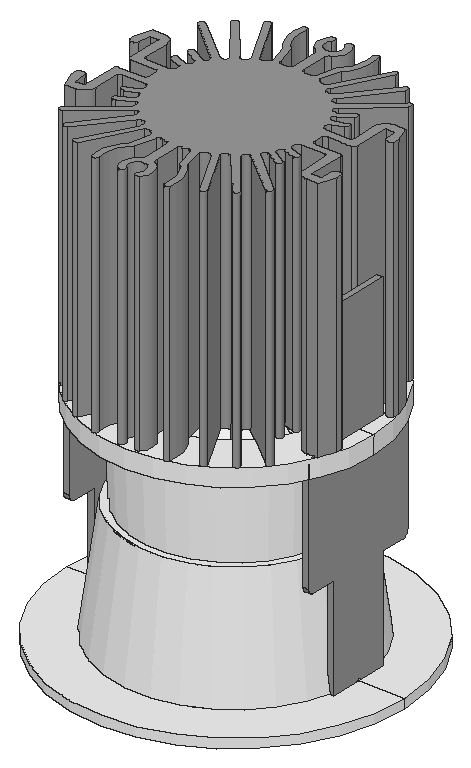
Revit family "Artemide_Everything_55", category Lighting Fixtures, Revit 2018 (continued)
Types (72, lengths in mm): name | Wattage | V_Square | V_Round | Radius_RoundVoidReal | Photometric Web File | built-in parameter 1150142 | M_Louvre | M_HousingLed | built-in parameter 1150105 | Lumens | built-in parameter 1150107 | built-in parameter 1150106 | Product Model Number | Overall Width | Overall Height | Output Lumens Direct light | Input Lumens Direct light | Initial Lumens | IES Files  | Housing Colour  | Face Shape | Efficiency | built-in parameter 1150104 | Distance_SquareVoidReal | Cut Out Length | Colour Temperature | Angle_LightReal | Angle_LightRange | Angle_Light | Adjustable
  Everything_55_Round_20°_2700K_White_NL4203518Y006 | 6.4 W | no | yes | 22.5 | "NL4203518Y006.IES" | "IESNA:LM-63-2002\r\n[TEST] FTS1602930\r\n[TESTLAB] ARTEMIDE\r\n[TESTDATE] 17 Feb 2015\r\n[ISSUEDATE] 17 Feb 2015\r\n[MANUFAC] ARTEMIDE\r\n[LUMCAT] NL4203518Y006\r\n[LUMINAIRE] Everything 55 round 20° - cornice bianca - 2700K\r\n[FLASHAREA] 0.000233\r\n[LAMPCAT] LED Flux=566lm  LED Power=6,4W Eff=84% EfcLed=88lm/W EfcLum=74lm/W CCT=2700K Ra=80 SDCM=2 L70(6K)=51400h\r\n[LAMP] LED Flux=566lm  LED Power=6,4W Eff=84% EfcLed=88lm/W EfcLum=74lm/W CCT=2700K Ra=80 SDCM=2 L70(6K)=51400h\r\nTILT=NONE\r\n1 476.00 1.0 91 1 1 2 -0.035 -0.035 0.000\r\n1.00 1.00 6.40\r\n0.00 1.00 2.00 3.00 4.00 5.00 6.00 7.00 8.00 9.00 10.00 \r\n11.00 12.00 13.00 14.00 15.00 16.00 17.00 18.00 19.00 \r\n20.00 21.00 22.00 23.00 24.00 25.00 26.00 27.00 28.00 \r\n29.00 30.00 31.00 32.00 33.00 34.00 35.00 36.00 37.00 \r\n38.00 39.00 40.00 41.00 42.00 43.00 44.00 45.00 46.00 \r\n47.00 48.00 49.00 50.00 51.00 52.00 53.00 54.00 55.00 \r\n56.00 57.00 58.00 59.00 60.00 61.00 62.00 63.00 64.00 \r\n65.00 66.00 67.00 68.00 69.00 70.00 71.00 72.00 73.00 \r\n74.00 75.00 76.00 77.00 78.00 79.00 80.00 81.00 82.00 \r\n83.00 84.00 85.00 86.00 87.00 88.00 89.00 90.00 \r\n0.00 \r\n3835.70 3811.54 3722.97 3579.25 3390.25 3174.12 2937.36 \r\n2687.47 2432.02 2169.98 1904.67 1634.92 1363.71 1105.36 \r\n867.10 658.58 485.13 347.55 245.55 171.43 120.13 84.52 \r\n61.07 45.79 35.35 27.74 21.95 17.26 13.97 11.31 9.45 8.19 \r\n6.85 5.52 3.76 2.54 2.07 1.80 1.57 1.29 1.02 0.77 0.62 \r\n0.00 0.00 0.00 0.00 0.00 0.00 0.00 0.00 0.00 0.00 0.00 \r\n0.00 0.00 0.00 0.00 0.00 0.00 0.00 0.00 0.00 0.00 0.00 \r\n0.00 0.00 0.00 0.00 0.00 0.00 0.00 0.00 0.00 0.00 0.00 \r\n0.00 0.00 0.00 0.00 0.00 0.00 0.00 0.00 0.00 0.00 0.00 \r\n0.00 0.00 0.00 0.00 \r\n" | Artemide_Aluminum_White | Artemide_Aluminum_White | 40.402 (stored number, unit not read) | 507.712 lm | 2700 (stored number, unit not read) | 0.40402 (stored number, unit not read) | "NL4203518Y006" | 0 | 78 | 476 | 566 | 476 | "https://www.artemide.com/product/downloadFile/4344457/ieseu/4916901" | "White" | "Round" | 84 | 7.37 (stored number, unit not read) | 0.8 | 78 | 2700 | 90.00° | 60.00° | 60.00° | no
  Everything_55_Round_20°_2700K_Silver_NL4203518Y002 | 6.4 W | no | yes | 22.5 | "NL4203518Y002.IES" | "IESNA:LM-63-2002\r\n[TEST] FTS1602932\r\n[TESTLAB] ARTEMIDE\r\n[TESTDATE] 17 Feb 2015\r\n[ISSUEDATE] 17 Feb 2015\r\n[MANUFAC] ARTEMIDE\r\n[LUMCAT] NL4203518Y002\r\n[LUMINAIRE] Everything 55 round 20° - cornice grigia - 2700K\r\n[FLASHAREA] 0.000233\r\n[LAMPCAT] LED Flux=566lm  LED Power=6,4W Eff=84% EfcLed=88lm/W EfcLum=74lm/W CCT=2700K Ra=80 SDCM=2 L70(6K)=51400h\r\n[LAMP] LED Flux=566lm  LED Power=6,4W Eff=84% EfcLed=88lm/W EfcLum=74lm/W CCT=2700K Ra=80 SDCM=2 L70(6K)=51400h\r\nTILT=NONE\r\n1 476.00 1.0 91 1 1 2 -0.035 -0.035 0.000\r\n1.00 1.00 6.40\r\n0.00 1.00 2.00 3.00 4.00 5.00 6.00 7.00 8.00 9.00 10.00 \r\n11.00 12.00 13.00 14.00 15.00 16.00 17.00 18.00 19.00 \r\n20.00 21.00 22.00 23.00 24.00 25.00 26.00 27.00 28.00 \r\n29.00 30.00 31.00 32.00 33.00 34.00 35.00 36.00 37.00 \r\n38.00 39.00 40.00 41.00 42.00 43.00 44.00 45.00 46.00 \r\n47.00 48.00 49.00 50.00 51.00 52.00 53.00 54.00 55.00 \r\n56.00 57.00 58.00 59.00 60.00 61.00 62.00 63.00 64.00 \r\n65.00 66.00 67.00 68.00 69.00 70.00 71.00 72.00 73.00 \r\n74.00 75.00 76.00 77.00 78.00 79.00 80.00 81.00 82.00 \r\n83.00 84.00 85.00 86.00 87.00 88.00 89.00 90.00 \r\n0.00 \r\n3803.93 3777.27 3690.60 3550.18 3366.44 3154.65 2923.75 \r\n2678.21 2424.20 2162.42 1899.21 1638.11 1367.87 1110.89 \r\n869.78 662.10 489.25 352.51 250.30 175.61 122.98 86.78 \r\n62.72 47.09 36.35 28.46 22.54 17.72 14.19 11.49 9.56 8.23 \r\n6.95 5.35 3.78 2.58 1.81 1.53 1.19 0.85 0.52 0.37 0.27 \r\n0.20 0.00 0.00 0.00 0.00 0.00 0.00 0.00 0.00 0.00 0.00 \r\n0.00 0.00 0.00 0.00 0.00 0.00 0.00 0.00 0.00 0.00 0.00 \r\n0.00 0.00 0.00 0.00 0.00 0.00 0.00 0.00 0.00 0.00 0.00 \r\n0.00 0.00 0.00 0.00 0.00 0.00 0.00 0.00 0.00 0.00 0.00 \r\n0.00 0.00 0.00 0.00 \r\n" | Artemide_Aluminum_BrushedSilver | Artemide_Aluminum_BrushedSilver | 40.402 (stored number, unit not read) | 507.712 lm | 2700 (stored number, unit not read) | 0.40402 (stored number, unit not read) | "NL4203518Y002" | 0 | 78 | 476 | 566 | 476 | "https://www.artemide.com/product/downloadFile/4344865/ieseu/4916593" | "Silver" | "Round" | 84 | 7.37 (stored number, unit not read) | 0.8 | 78 | 2700 | 90.00° | 60.00° | 60.00° | no
  Everything_55_Round_34°_2700K_White_NL4203534Y006 | 6.4 W | no | yes | 22.5 | "NL4203534Y006.IES" | "IESNA:LM-63-2002\r\n[TEST] FTS1602931\r\n[TESTLAB] ARTEMIDE\r\n[TESTDATE] 17 Feb 2015\r\n[ISSUEDATE] 17 Feb 2015\r\n[MANUFAC] ARTEMIDE\r\n[LUMCAT] NL4203534Y006\r\n[LUMINAIRE] Everything 55 round 34° - cornice bianca - 2700K\r\n[FLASHAREA] 0.000233\r\n[LAMPCAT] LED Flux=566lm  LED Power=6,4W Eff=78% EfcLed=88lm/W EfcLum=69lm/W CCT=2700K Ra=80 SDCM=2 L70(6K)=51400h\r\n[LAMP] LED Flux=566lm  LED Power=6,4W Eff=78% EfcLed=88lm/W EfcLum=69lm/W CCT=2700K Ra=80 SDCM=2 L70(6K)=51400h\r\nTILT=NONE\r\n1 442.00 1.0 91 1 1 2 -0.035 -0.035 0.000\r\n1.00 1.00 6.40\r\n0.00 1.00 2.00 3.00 4.00 5.00 6.00 7.00 8.00 9.00 10.00 \r\n11.00 12.00 13.00 14.00 15.00 16.00 17.00 18.00 19.00 \r\n20.00 21.00 22.00 23.00 24.00 25.00 26.00 27.00 28.00 \r\n29.00 30.00 31.00 32.00 33.00 34.00 35.00 36.00 37.00 \r\n38.00 39.00 40.00 41.00 42.00 43.00 44.00 45.00 46.00 \r\n47.00 48.00 49.00 50.00 51.00 52.00 53.00 54.00 55.00 \r\n56.00 57.00 58.00 59.00 60.00 61.00 62.00 63.00 64.00 \r\n65.00 66.00 67.00 68.00 69.00 70.00 71.00 72.00 73.00 \r\n74.00 75.00 76.00 77.00 78.00 79.00 80.00 81.00 82.00 \r\n83.00 84.00 85.00 86.00 87.00 88.00 89.00 90.00 \r\n0.00 \r\n1243.99 1242.87 1238.08 1228.38 1213.95 1194.58 1170.39 \r\n1140.32 1105.03 1064.11 1019.34 969.89 916.44 859.74 \r\n801.23 742.10 682.13 623.41 569.35 516.57 464.71 415.54 \r\n366.89 321.28 276.77 235.06 196.46 161.39 126.29 92.87 \r\n69.95 55.58 45.06 37.14 30.36 24.91 19.99 15.84 12.47 \r\n9.75 7.84 6.72 5.96 5.20 4.84 4.48 4.30 4.12 3.81 3.51 \r\n3.27 3.03 2.99 2.95 2.91 2.83 2.51 2.06 1.78 1.49 1.33 \r\n1.13 0.99 0.00 0.00 0.00 0.00 0.00 0.00 0.00 0.00 0.00 \r\n0.00 0.00 0.00 0.00 0.00 0.00 0.00 0.00 0.00 0.00 0.00 \r\n0.00 0.00 0.00 0.00 0.00 0.00 0.00 0.00 \r\n" | Artemide_Aluminum_White | Artemide_Aluminum_White | 37.011 (stored number, unit not read) | 465.088 lm | 2700 (stored number, unit not read) | 0.37011 (stored number, unit not read) | "NL4203534Y006" | 0 | 78 | 442 | 566 | 442 | "https://www.artemide.com/product/downloadFile/4345073/ieseu/4916601" | "White" | "Round" | 77 | 6.7513 (stored number, unit not read) | 0.8 | 78 | 2700 | 90.00° | 60.00° | 60.00° | no
  Everything_55_Round_34°_2700K_Black_NL4203534Y004 | 6.4 W | no | yes | 22.5 | "NL4203534Y004.IES" | "IESNA:LM-63-2002\r\n[TEST] FTS1602935\r\n[TESTLAB] ARTEMIDE\r\n[TESTDATE] 16 Feb 2015\r\n[ISSUEDATE] 16 Feb 2015\r\n[MANUFAC] ARTEMIDE\r\n[LUMCAT] NL4203534Y004\r\n[LUMINAIRE] Everything 55 round 34° - cornice nera - 2700K\r\n[FLASHAREA] 0.000233\r\n[LAMPCAT] LED Flux=566lm  LED Power=6,4W Eff=75% EfcLed=88lm/W EfcLum=66lm/W CCT=2700K Ra=80 SDCM=2 L70(6K)=51400h\r\n[LAMP] LED Flux=566lm  LED Power=6,4W Eff=75% EfcLed=88lm/W EfcLum=66lm/W CCT=2700K Ra=80 SDCM=2 L70(6K)=51400h\r\nTILT=NONE\r\n1 425.00 1.0 91 1 1 2 -0.035 -0.035 0.000\r\n1.00 1.00 6.40\r\n0.00 1.00 2.00 3.00 4.00 5.00 6.00 7.00 8.00 9.00 10.00 \r\n11.00 12.00 13.00 14.00 15.00 16.00 17.00 18.00 19.00 \r\n20.00 21.00 22.00 23.00 24.00 25.00 26.00 27.00 28.00 \r\n29.00 30.00 31.00 32.00 33.00 34.00 35.00 36.00 37.00 \r\n38.00 39.00 40.00 41.00 42.00 43.00 44.00 45.00 46.00 \r\n47.00 48.00 49.00 50.00 51.00 52.00 53.00 54.00 55.00 \r\n56.00 57.00 58.00 59.00 60.00 61.00 62.00 63.00 64.00 \r\n65.00 66.00 67.00 68.00 69.00 70.00 71.00 72.00 73.00 \r\n74.00 75.00 76.00 77.00 78.00 79.00 80.00 81.00 82.00 \r\n83.00 84.00 85.00 86.00 87.00 88.00 89.00 90.00 \r\n0.00 \r\n1216.37 1213.87 1211.37 1203.20 1190.75 1173.50 1151.49 \r\n1123.39 1089.81 1050.01 1005.91 957.51 904.01 848.38 \r\n789.52 729.84 670.82 613.28 558.60 505.86 455.53 406.40 \r\n358.19 313.14 268.91 227.31 188.89 153.11 116.57 85.09 \r\n63.89 50.28 40.45 32.52 26.01 20.55 15.74 11.75 8.40 5.84 \r\n4.00 2.96 1.93 1.43 0.84 0.25 0.12 0.06 0.00 0.00 0.00 \r\n0.00 0.00 0.00 0.00 0.00 0.00 0.00 0.00 0.00 0.00 0.00 \r\n0.00 0.00 0.00 0.00 0.00 0.00 0.00 0.00 0.00 0.00 0.00 \r\n0.00 0.00 0.00 0.00 0.00 0.00 0.00 0.00 0.00 0.00 0.00 \r\n0.00 0.00 0.00 0.00 0.00 0.00 0.00 \r\n" | Artemide_Aluminum_Black | Artemide_Aluminum_Black | 37.011 (stored number, unit not read) | 465.088 lm | 2700 (stored number, unit not read) | 0.37011 (stored number, unit not read) | "NL4203534Y004" | 0 | 78 | 425 | 566 | 425 | "https://www.artemide.com/product/downloadFile/4345271/ieseu/4917135" | "Black" | "Round" | 77 | 6.7513 (stored number, unit not read) | 0.8 | 78 | 2700 | 90.00° | 60.00° | 60.00° | no
  Everything_55_Round_34°_2700K_Silver_NL4203534Y002 | 6.4 W | no | yes | 22.5 | "NL4203534Y002.IES" | "IESNA:LM-63-2002\r\n[TEST] FTS1602933\r\n[TESTLAB] ARTEMIDE\r\n[TESTDATE] 17 Feb 2015\r\n[ISSUEDATE] 17 Feb 2015\r\n[MANUFAC] ARTEMIDE\r\n[LUMCAT] NL4203534Y002\r\n[LUMINAIRE] Everything 55 round 34° - cornice grigia - 2700K\r\n[FLASHAREA] 0.000233\r\n[LAMPCAT] LED Flux=566lm  LED Power=6,4W Eff=77% EfcLed=88lm/W EfcLum=68lm/W CCT=2700K Ra=80 SDCM=2 L70(6K)=51400h\r\n[LAMP] LED Flux=566lm  LED Power=6,4W Eff=77% EfcLed=88lm/W EfcLum=68lm/W CCT=2700K Ra=80 SDCM=2 L70(6K)=51400h\r\nTILT=NONE\r\n1 436.00 1.0 91 1 1 2 -0.035 -0.035 0.000\r\n1.00 1.00 6.40\r\n0.00 1.00 2.00 3.00 4.00 5.00 6.00 7.00 8.00 9.00 10.00 \r\n11.00 12.00 13.00 14.00 15.00 16.00 17.00 18.00 19.00 \r\n20.00 21.00 22.00 23.00 24.00 25.00 26.00 27.00 28.00 \r\n29.00 30.00 31.00 32.00 33.00 34.00 35.00 36.00 37.00 \r\n38.00 39.00 40.00 41.00 42.00 43.00 44.00 45.00 46.00 \r\n47.00 48.00 49.00 50.00 51.00 52.00 53.00 54.00 55.00 \r\n56.00 57.00 58.00 59.00 60.00 61.00 62.00 63.00 64.00 \r\n65.00 66.00 67.00 68.00 69.00 70.00 71.00 72.00 73.00 \r\n74.00 75.00 76.00 77.00 78.00 79.00 80.00 81.00 82.00 \r\n83.00 84.00 85.00 86.00 87.00 88.00 89.00 90.00 \r\n0.00 \r\n1240.95 1240.02 1234.86 1225.15 1210.71 1191.73 1167.39 \r\n1137.35 1102.31 1060.95 1015.93 966.51 912.77 856.31 \r\n796.79 736.59 678.55 620.93 565.45 512.44 462.16 412.85 \r\n364.37 319.29 275.00 233.40 195.04 156.43 119.09 89.05 \r\n67.78 54.33 44.26 36.34 29.67 24.05 19.21 15.18 11.64 \r\n9.00 7.01 5.73 4.62 4.16 3.71 3.35 3.15 2.86 2.58 2.22 \r\n1.91 1.70 1.49 1.38 1.27 0.99 0.65 0.00 0.00 0.00 0.00 \r\n0.00 0.00 0.00 0.00 0.00 0.00 0.00 0.00 0.00 0.00 0.00 \r\n0.00 0.00 0.00 0.00 0.00 0.00 0.00 0.00 0.00 0.00 0.00 \r\n0.00 0.00 0.00 0.00 0.00 0.00 0.00 0.00 \r\n" | Artemide_Aluminum_BrushedSilver | Artemide_Aluminum_BrushedSilver | 37.011 (stored number, unit not read) | 465.088 lm | 2700 (stored number, unit not read) | 0.37011 (stored number, unit not read) | "NL4203534Y002" | 0 | 78 | 436 | 566 | 436 | "https://www.artemide.com/product/downloadFile/4345469/ieseu/4917013" | "Silver" | "Round" | 77 | 6.7513 (stored number, unit not read) | 0.8 | 78 | 2700 | 90.00° | 60.00° | 60.00° | no
  Everything_55_Round_20°_2700K_White_NL4204118Y006 | 8.5 W | no | yes | 22.5 | "NL4204118Y006.IES" | "IESNA:LM-63-2002\r\n[TEST] FTS1602960\r\n[TESTLAB] ARTEMIDE\r\n[TESTDATE] 17 Feb 2015\r\n[ISSUEDATE] 17 Feb 2015\r\n[MANUFAC] ARTEMIDE\r\n[LUMCAT] NL4204118Y006\r\n[LUMINAIRE] Everything 55 700mA round 20° - cornice bianca - 2700K\r\n[FLASHAREA] 0.000233\r\n[LAMPCAT] LED Flux=755lm  LED Power=8,5W Eff=84% EfcLed=89lm/W EfcLum=75lm/W CCT=2700K Ra=80 SDCM=2 L70(6K)=51400h\r\n[LAMP] LED Flux=755lm  LED Power=8,5W Eff=84% EfcLed=89lm/W EfcLum=75lm/W CCT=2700K Ra=80 SDCM=2 L70(6K)=51400h\r\nTILT=NONE\r\n1 634.00 1.0 91 1 1 2 -0.035 -0.035 0.000\r\n1.00 1.00 8.50\r\n0.00 1.00 2.00 3.00 4.00 5.00 6.00 7.00 8.00 9.00 10.00 \r\n11.00 12.00 13.00 14.00 15.00 16.00 17.00 18.00 19.00 \r\n20.00 21.00 22.00 23.00 24.00 25.00 26.00 27.00 28.00 \r\n29.00 30.00 31.00 32.00 33.00 34.00 35.00 36.00 37.00 \r\n38.00 39.00 40.00 41.00 42.00 43.00 44.00 45.00 46.00 \r\n47.00 48.00 49.00 50.00 51.00 52.00 53.00 54.00 55.00 \r\n56.00 57.00 58.00 59.00 60.00 61.00 62.00 63.00 64.00 \r\n65.00 66.00 67.00 68.00 69.00 70.00 71.00 72.00 73.00 \r\n74.00 75.00 76.00 77.00 78.00 79.00 80.00 81.00 82.00 \r\n83.00 84.00 85.00 86.00 87.00 88.00 89.00 90.00 \r\n0.00 \r\n5108.89 5076.72 4958.75 4767.33 4515.59 4227.71 3912.36 \r\n3579.53 3239.28 2890.27 2536.89 2177.61 1816.37 1472.26 \r\n1154.92 877.18 646.17 462.92 327.05 228.33 160.01 112.58 \r\n81.35 60.99 47.09 36.94 29.24 22.99 18.61 15.07 12.58 \r\n10.91 9.13 7.36 5.01 3.39 2.75 2.40 2.09 1.72 1.36 1.03 \r\n0.83 0.00 0.00 0.00 0.00 0.00 0.00 0.00 0.00 0.00 0.00 \r\n0.00 0.00 0.00 0.00 0.00 0.00 0.00 0.00 0.00 0.00 0.00 \r\n0.00 0.00 0.00 0.00 0.00 0.00 0.00 0.00 0.00 0.00 0.00 \r\n0.00 0.00 0.00 0.00 0.00 0.00 0.00 0.00 0.00 0.00 0.00 \r\n0.00 0.00 0.00 0.00 0.00 \r\n" | Artemide_Aluminum_White | Artemide_Aluminum_White | 53.605 (stored number, unit not read) | 673.625 lm | 2700 (stored number, unit not read) | 0.53605 (stored number, unit not read) | "NL4204118Y006" | 0 | 98 | 634 | 755 | 634 | "https://www.artemide.com/product/downloadFile/4345667/ieseu/4916547" | "White" | "Round" | 84 | 7.3626 (stored number, unit not read) | 0.8 | 98 | 2700 | 90.00° | 60.00° | 60.00° | no
  Everything_55_Round_20°_2700K_Black_NL4204118Y004 | 8.5 W | no | yes | 22.5 | "NL4204118Y004.IES" | "IESNA:LM-63-2002\r\n[TEST] FTS1602964\r\n[TESTLAB] ARTEMIDE\r\n[TESTDATE] 17 Feb 2015\r\n[ISSUEDATE] 17 Feb 2015\r\n[MANUFAC] ARTEMIDE\r\n[LUMCAT] NL4204118Y004\r\n[LUMINAIRE] Everything 55 700mA round 20° - cornice nera - 2700K\r\n[FLASHAREA] 0.000233\r\n[LAMPCAT] LED Flux=755lm  LED Power=8,5W Eff=84% EfcLed=89lm/W EfcLum=75lm/W CCT=2700K Ra=80 SDCM=2 L70(6K)=51400h\r\n[LAMP] LED Flux=755lm  LED Power=8,5W Eff=84% EfcLed=89lm/W EfcLum=75lm/W CCT=2700K Ra=80 SDCM=2 L70(6K)=51400h\r\nTILT=NONE\r\n1 634.00 1.0 91 1 1 2 -0.035 -0.035 0.000\r\n1.00 1.00 8.50\r\n0.00 1.00 2.00 3.00 4.00 5.00 6.00 7.00 8.00 9.00 10.00 \r\n11.00 12.00 13.00 14.00 15.00 16.00 17.00 18.00 19.00 \r\n20.00 21.00 22.00 23.00 24.00 25.00 26.00 27.00 28.00 \r\n29.00 30.00 31.00 32.00 33.00 34.00 35.00 36.00 37.00 \r\n38.00 39.00 40.00 41.00 42.00 43.00 44.00 45.00 46.00 \r\n47.00 48.00 49.00 50.00 51.00 52.00 53.00 54.00 55.00 \r\n56.00 57.00 58.00 59.00 60.00 61.00 62.00 63.00 64.00 \r\n65.00 66.00 67.00 68.00 69.00 70.00 71.00 72.00 73.00 \r\n74.00 75.00 76.00 77.00 78.00 79.00 80.00 81.00 82.00 \r\n83.00 84.00 85.00 86.00 87.00 88.00 89.00 90.00 \r\n0.00 \r\n5067.21 5033.78 4921.03 4736.11 4492.55 4213.83 3910.61 \r\n3584.35 3248.04 2899.23 2548.50 2191.64 1828.68 1485.95 \r\n1164.91 886.11 654.67 469.59 331.83 231.54 161.59 113.31 \r\n81.03 60.32 45.86 35.50 27.60 21.12 16.59 13.15 10.62 \r\n8.79 7.07 4.83 2.83 1.06 0.54 0.27 0.14 0.00 0.00 0.00 \r\n0.00 0.00 0.00 0.00 0.00 0.00 0.00 0.00 0.00 0.00 0.00 \r\n0.00 0.00 0.00 0.00 0.00 0.00 0.00 0.00 0.00 0.00 0.00 \r\n0.00 0.00 0.00 0.00 0.00 0.00 0.00 0.00 0.00 0.00 0.00 \r\n0.00 0.00 0.00 0.00 0.00 0.00 0.00 0.00 0.00 0.00 0.00 \r\n0.00 0.00 0.00 0.00 0.00 \r\n" | Artemide_Aluminum_Black | Artemide_Aluminum_Black | 53.605 (stored number, unit not read) | 673.625 lm | 2700 (stored number, unit not read) | 0.53605 (stored number, unit not read) | "NL4204118Y004" | 0 | 98 | 634 | 755 | 634 | "https://www.artemide.com/product/downloadFile/4345865/ieseu/4916452" | "Black" | "Round" | 84 | 7.3626 (stored number, unit not read) | 0.8 | 98 | 2700 | 90.00° | 60.00° | 60.00° | no
  Everything_55_Round_20°_2700K_Silver_NL4204118Y002 | 8.5 W | no | yes | 22.5 | "NL4204118Y002.IES" | "IESNA:LM-63-2002\r\n[TEST] FTS1602962\r\n[TESTLAB] ARTEMIDE\r\n[TESTDATE] 17 Feb 2015\r\n[ISSUEDATE] 17 Feb 2015\r\n[MANUFAC] ARTEMIDE\r\n[LUMCAT] NL4204118Y002\r\n[LUMINAIRE] Everything 55 700mA round 20° - cornice grigia - 2700K\r\n[FLASHAREA] 0.000233\r\n[LAMPCAT] LED Flux=755lm  LED Power=8,5W Eff=84% EfcLed=89lm/W EfcLum=75lm/W CCT=2700K Ra=80 SDCM=2 L70(6K)=51400h\r\n[LAMP] LED Flux=755lm  LED Power=8,5W Eff=84% EfcLed=89lm/W EfcLum=75lm/W CCT=2700K Ra=80 SDCM=2 L70(6K)=51400h\r\nTILT=NONE\r\n1 634.00 1.0 91 1 1 2 -0.035 -0.035 0.000\r\n1.00 1.00 8.50\r\n0.00 1.00 2.00 3.00 4.00 5.00 6.00 7.00 8.00 9.00 10.00 \r\n11.00 12.00 13.00 14.00 15.00 16.00 17.00 18.00 19.00 \r\n20.00 21.00 22.00 23.00 24.00 25.00 26.00 27.00 28.00 \r\n29.00 30.00 31.00 32.00 33.00 34.00 35.00 36.00 37.00 \r\n38.00 39.00 40.00 41.00 42.00 43.00 44.00 45.00 46.00 \r\n47.00 48.00 49.00 50.00 51.00 52.00 53.00 54.00 55.00 \r\n56.00 57.00 58.00 59.00 60.00 61.00 62.00 63.00 64.00 \r\n65.00 66.00 67.00 68.00 69.00 70.00 71.00 72.00 73.00 \r\n74.00 75.00 76.00 77.00 78.00 79.00 80.00 81.00 82.00 \r\n83.00 84.00 85.00 86.00 87.00 88.00 89.00 90.00 \r\n0.00 \r\n5066.58 5031.07 4915.62 4728.60 4483.87 4201.78 3894.24 \r\n3567.20 3228.87 2880.19 2529.62 2181.85 1821.91 1479.63 \r\n1158.49 881.87 651.64 469.51 333.38 233.90 163.81 115.59 \r\n83.53 62.72 48.41 37.91 30.02 23.60 18.90 15.30 12.74 \r\n10.96 9.25 7.13 5.03 3.44 2.41 2.03 1.59 1.14 0.69 0.50 \r\n0.36 0.26 0.00 0.00 0.00 0.00 0.00 0.00 0.00 0.00 0.00 \r\n0.00 0.00 0.00 0.00 0.00 0.00 0.00 0.00 0.00 0.00 0.00 \r\n0.00 0.00 0.00 0.00 0.00 0.00 0.00 0.00 0.00 0.00 0.00 \r\n0.00 0.00 0.00 0.00 0.00 0.00 0.00 0.00 0.00 0.00 0.00 \r\n0.00 0.00 0.00 0.00 0.00 \r\n" | Artemide_Aluminum_BrushedSilver | Artemide_Aluminum_BrushedSilver | 53.605 (stored number, unit not read) | 673.625 lm | 2700 (stored number, unit not read) | 0.53605 (stored number, unit not read) | "NL4204118Y002" | 0 | 98 | 634 | 755 | 634 | "https://www.artemide.com/product/downloadFile/4346073/ieseu/4916708" | "Silver" | "Round" | 84 | 7.3626 (stored number, unit not read) | 0.8 | 98 | 2700 | 90.00° | 60.00° | 60.00° | no
  Everything_55_Round_34°_2700K_White_NL4204134Y006 | 8.5 W | no | yes | 22.5 | "NL4204134Y006.IES" | "IESNA:LM-63-2002\r\n[TEST] FTS1602961\r\n[TESTLAB] ARTEMIDE\r\n[TESTDATE] 17 Feb 2015\r\n[ISSUEDATE] 17 Feb 2015\r\n[MANUFAC] ARTEMIDE\r\n[LUMCAT] NL4204134Y006\r\n[LUMINAIRE] Everything 55 700mA round 34° - cornice bianca - 2700K\r\n[FLASHAREA] 0.000233\r\n[LAMPCAT] LED Flux=755lm  LED Power=8,5W Eff=78% EfcLed=89lm/W EfcLum=69lm/W CCT=2700K Ra=80 SDCM=2 L70(6K)=51400h\r\n[LAMP] LED Flux=755lm  LED Power=8,5W Eff=78% EfcLed=89lm/W EfcLum=69lm/W CCT=2700K Ra=80 SDCM=2 L70(6K)=51400h\r\nTILT=NONE\r\n1 589.00 1.0 91 1 1 2 -0.035 -0.035 0.000\r\n1.00 1.00 8.50\r\n0.00 1.00 2.00 3.00 4.00 5.00 6.00 7.00 8.00 9.00 10.00 \r\n11.00 12.00 13.00 14.00 15.00 16.00 17.00 18.00 19.00 \r\n20.00 21.00 22.00 23.00 24.00 25.00 26.00 27.00 28.00 \r\n29.00 30.00 31.00 32.00 33.00 34.00 35.00 36.00 37.00 \r\n38.00 39.00 40.00 41.00 42.00 43.00 44.00 45.00 46.00 \r\n47.00 48.00 49.00 50.00 51.00 52.00 53.00 54.00 55.00 \r\n56.00 57.00 58.00 59.00 60.00 61.00 62.00 63.00 64.00 \r\n65.00 66.00 67.00 68.00 69.00 70.00 71.00 72.00 73.00 \r\n74.00 75.00 76.00 77.00 78.00 79.00 80.00 81.00 82.00 \r\n83.00 84.00 85.00 86.00 87.00 88.00 89.00 90.00 \r\n0.00 \r\n1657.71 1656.22 1649.84 1636.92 1617.68 1591.87 1559.63 \r\n1519.56 1472.54 1418.01 1358.35 1292.45 1221.23 1145.68 \r\n1067.70 988.91 908.99 830.74 758.71 688.37 619.27 553.74 \r\n488.92 428.14 368.82 313.24 261.80 215.07 168.29 123.76 \r\n93.21 74.07 60.04 49.49 40.45 33.19 26.64 21.11 16.62 \r\n12.99 10.45 8.95 7.94 6.93 6.45 5.97 5.73 5.49 5.08 4.67 \r\n4.35 4.04 3.98 3.93 3.88 3.77 3.34 2.75 2.37 1.99 1.77 \r\n1.51 1.32 0.00 0.00 0.00 0.00 0.00 0.00 0.00 0.00 0.00 \r\n0.00 0.00 0.00 0.00 0.00 0.00 0.00 0.00 0.00 0.00 0.00 \r\n0.00 0.00 0.00 0.00 0.00 0.00 0.00 0.00 \r\n" | Artemide_Aluminum_White | Artemide_Aluminum_White | 49.797 (stored number, unit not read) | 625.77 lm | 2700 (stored number, unit not read) | 0.49797 (stored number, unit not read) | "NL4204134Y006" | 0 | 98 | 589 | 755 | 589 | "https://www.artemide.com/product/downloadFile/4346281/ieseu/4916817" | "White" | "Round" | 78 | 6.8395 (stored number, unit not read) | 0.8 | 98 | 2700 | 90.00° | 60.00° | 60.00° | no
  Everything_55_Round_34°_2700K_Black_NL4204134Y004 | 8.5 W | no | yes | 22.5 | "NL4204134Y004.IES" | "IESNA:LM-63-2002\r\n[TEST] FTS1602965\r\n[TESTLAB] ARTEMIDE\r\n[TESTDATE] 16 Feb 2015\r\n[ISSUEDATE] 16 Feb 2015\r\n[MANUFAC] ARTEMIDE\r\n[LUMCAT] NL4204134Y004\r\n[LUMINAIRE] Everything 55 700mA round 34° - cornice nera - 2700K\r\n[FLASHAREA] 0.000233\r\n[LAMPCAT] LED Flux=755lm  LED Power=8,5W Eff=75% EfcLed=89lm/W EfcLum=67lm/W CCT=2700K Ra=80 SDCM=2 L70(6K)=51400h\r\n[LAMP] LED Flux=755lm  LED Power=8,5W Eff=75% EfcLed=89lm/W EfcLum=67lm/W CCT=2700K Ra=80 SDCM=2 L70(6K)=51400h\r\nTILT=NONE\r\n1 566.00 1.0 91 1 1 2 -0.035 -0.035 0.000\r\n1.00 1.00 8.50\r\n0.00 1.00 2.00 3.00 4.00 5.00 6.00 7.00 8.00 9.00 10.00 \r\n11.00 12.00 13.00 14.00 15.00 16.00 17.00 18.00 19.00 \r\n20.00 21.00 22.00 23.00 24.00 25.00 26.00 27.00 28.00 \r\n29.00 30.00 31.00 32.00 33.00 34.00 35.00 36.00 37.00 \r\n38.00 39.00 40.00 41.00 42.00 43.00 44.00 45.00 46.00 \r\n47.00 48.00 49.00 50.00 51.00 52.00 53.00 54.00 55.00 \r\n56.00 57.00 58.00 59.00 60.00 61.00 62.00 63.00 64.00 \r\n65.00 66.00 67.00 68.00 69.00 70.00 71.00 72.00 73.00 \r\n74.00 75.00 76.00 77.00 78.00 79.00 80.00 81.00 82.00 \r\n83.00 84.00 85.00 86.00 87.00 88.00 89.00 90.00 \r\n0.00 \r\n1619.92 1616.59 1613.26 1602.38 1585.79 1562.82 1533.51 \r\n1496.10 1451.37 1398.36 1339.63 1275.17 1203.93 1129.84 \r\n1051.46 971.98 893.37 816.74 743.93 673.69 606.67 541.23 \r\n477.02 417.03 358.13 302.72 251.55 203.91 155.25 113.32 \r\n85.08 66.97 53.87 43.31 34.64 27.36 20.96 15.65 11.18 \r\n7.78 5.33 3.95 2.56 1.90 1.12 0.33 0.16 0.08 0.00 0.00 \r\n0.00 0.00 0.00 0.00 0.00 0.00 0.00 0.00 0.00 0.00 0.00 \r\n0.00 0.00 0.00 0.00 0.00 0.00 0.00 0.00 0.00 0.00 0.00 \r\n0.00 0.00 0.00 0.00 0.00 0.00 0.00 0.00 0.00 0.00 0.00 \r\n0.00 0.00 0.00 0.00 0.00 0.00 0.00 0.00 \r\n" | Artemide_Aluminum_Black | Artemide_Aluminum_Black | 47.856 (stored number, unit not read) | 601.375 lm | 2700 (stored number, unit not read) | 0.47856 (stored number, unit not read) | "NL4204134Y004" | 0 | 98 | 566 | 755 | 566 | "https://www.artemide.com/product/downloadFile/4346479/ieseu/4916835" | "Black" | "Round" | 75 | 6.5729 (stored number, unit not read) | 0.8 | 98 | 2700 | 90.00° | 60.00° | 60.00° | no
  Everything_55_Round_34°_2700K_Silver_NL4204134Y002 | 8.5 W | no | yes | 22.5 | "NL4204134Y002.IES" | "IESNA:LM-63-2002\r\n[TEST] FTS1602963\r\n[TESTLAB] ARTEMIDE\r\n[TESTDATE] 17 Feb 2015\r\n[ISSUEDATE] 17 Feb 2015\r\n[MANUFAC] ARTEMIDE\r\n[LUMCAT] NL4204134Y002\r\n[LUMINAIRE] Everything 55 700mA round 34° - cornice grigia - 2700K\r\n[FLASHAREA] 0.000233\r\n[LAMPCAT] LED Flux=755lm  LED Power=8,5W Eff=77% EfcLed=89lm/W EfcLum=68lm/W CCT=2700K Ra=80 SDCM=2 L70(6K)=51400h\r\n[LAMP] LED Flux=755lm  LED Power=8,5W Eff=77% EfcLed=89lm/W EfcLum=68lm/W CCT=2700K Ra=80 SDCM=2 L70(6K)=51400h\r\nTILT=NONE\r\n1 581.00 1.0 91 1 1 2 -0.035 -0.035 0.000\r\n1.00 1.00 8.50\r\n0.00 1.00 2.00 3.00 4.00 5.00 6.00 7.00 8.00 9.00 10.00 \r\n11.00 12.00 13.00 14.00 15.00 16.00 17.00 18.00 19.00 \r\n20.00 21.00 22.00 23.00 24.00 25.00 26.00 27.00 28.00 \r\n29.00 30.00 31.00 32.00 33.00 34.00 35.00 36.00 37.00 \r\n38.00 39.00 40.00 41.00 42.00 43.00 44.00 45.00 46.00 \r\n47.00 48.00 49.00 50.00 51.00 52.00 53.00 54.00 55.00 \r\n56.00 57.00 58.00 59.00 60.00 61.00 62.00 63.00 64.00 \r\n65.00 66.00 67.00 68.00 69.00 70.00 71.00 72.00 73.00 \r\n74.00 75.00 76.00 77.00 78.00 79.00 80.00 81.00 82.00 \r\n83.00 84.00 85.00 86.00 87.00 88.00 89.00 90.00 \r\n0.00 \r\n1653.65 1652.41 1645.54 1632.59 1613.36 1588.06 1555.63 \r\n1515.60 1468.91 1413.79 1353.80 1287.95 1216.33 1141.09 \r\n1061.78 981.55 904.21 827.43 753.50 682.87 615.86 550.15 \r\n485.55 425.47 366.46 311.02 259.90 208.46 158.69 118.67 \r\n90.32 72.40 58.98 48.43 39.54 32.05 25.60 20.22 15.51 \r\n11.99 9.35 7.63 6.15 5.55 4.95 4.46 4.20 3.82 3.44 2.96 \r\n2.54 2.26 1.98 1.84 1.69 1.31 0.86 0.00 0.00 0.00 0.00 \r\n0.00 0.00 0.00 0.00 0.00 0.00 0.00 0.00 0.00 0.00 0.00 \r\n0.00 0.00 0.00 0.00 0.00 0.00 0.00 0.00 0.00 0.00 0.00 \r\n0.00 0.00 0.00 0.00 0.00 0.00 0.00 0.00 \r\n" | Artemide_Aluminum_BrushedSilver | Artemide_Aluminum_BrushedSilver | 49.128 (stored number, unit not read) | 617.355 lm | 2700 (stored number, unit not read) | 0.49128 (stored number, unit not read) | "NL4204134Y002" | 0 | 98 | 581 | 755 | 581 | "https://www.artemide.com/product/downloadFile/4346677/ieseu/4916595" | "Silver" | "Round" | 77 | 6.7475 (stored number, unit not read) | 0.8 | 98 | 2700 | 90.00° | 60.00° | 60.00° | no
  Everything_55_Round_Adj_20°_3000K_White_NL4203318K006 | 6.4 W | no | yes | 22.5 | "NL4203318K006.IES" | "IESNA:LM-63-2002\r\n[TEST] FTS1500309\r\n[TESTLAB] ARTEMIDE\r\n[TESTDATE] 17 Feb 2015\r\n[ISSUEDATE] 17 Feb 2015\r\n[MANUFAC] ARTEMIDE\r\n[LUMCAT] NL4203318K006\r\n[LUMINAIRE] Everything 55 round adjustable 20° - cornice bianca - 3000K\r\n[FLASHAREA] 0.000233\r\n[LAMPCAT] 3000K - Imax=8058 cd/klm - LED Flux=566 lm - LED Power=6.4 W - Eff=84 % - EfcLED=89 lm/W - EfcLum=75 lm/W - Ra=80 min - SDCM=2 - Life=L70(6K)>51,400 ore\r\n[LAMP] 3000K - Imax=8058 cd/klm - LED Flux=566 lm - LED Power=6.4 W - Eff=84 % - EfcLED=89 lm/W - EfcLum=75 lm/W - Ra=80 min - SDCM=2 - Life=L70(6K)>51,400 ore\r\nTILT=NONE\r\n1 476.00 1.0 91 1 1 2 -0.035 -0.035 0.000\r\n1.00 1.00 6.40\r\n0.00 1.00 2.00 3.00 4.00 5.00 6.00 7.00 8.00 9.00 10.00 \r\n11.00 12.00 13.00 14.00 15.00 16.00 17.00 18.00 19.00 \r\n20.00 21.00 22.00 23.00 24.00 25.00 26.00 27.00 28.00 \r\n29.00 30.00 31.00 32.00 33.00 34.00 35.00 36.00 37.00 \r\n38.00 39.00 40.00 41.00 42.00 43.00 44.00 45.00 46.00 \r\n47.00 48.00 49.00 50.00 51.00 52.00 53.00 54.00 55.00 \r\n56.00 57.00 58.00 59.00 60.00 61.00 62.00 63.00 64.00 \r\n65.00 66.00 67.00 68.00 69.00 70.00 71.00 72.00 73.00 \r\n74.00 75.00 76.00 77.00 78.00 79.00 80.00 81.00 82.00 \r\n83.00 84.00 85.00 86.00 87.00 88.00 89.00 90.00 \r\n0.00 \r\n3835.70 3811.54 3722.97 3579.25 3390.25 3174.12 2937.36 \r\n2687.47 2432.02 2169.98 1904.67 1634.92 1363.71 1105.36 \r\n867.10 658.58 485.13 347.55 245.55 171.43 120.13 84.52 \r\n61.07 45.79 35.35 27.74 21.95 17.26 13.97 11.31 9.45 8.19 \r\n6.85 5.52 3.76 2.54 2.07 1.80 1.57 1.29 1.02 0.77 0.62 \r\n0.00 0.00 0.00 0.00 0.00 0.00 0.00 0.00 0.00 0.00 0.00 \r\n0.00 0.00 0.00 0.00 0.00 0.00 0.00 0.00 0.00 0.00 0.00 \r\n0.00 0.00 0.00 0.00 0.00 0.00 0.00 0.00 0.00 0.00 0.00 \r\n0.00 0.00 0.00 0.00 0.00 0.00 0.00 0.00 0.00 0.00 0.00 \r\n0.00 0.00 0.00 0.00 \r\n" | Artemide_Aluminum_White | Artemide_Aluminum_White | 40.402 (stored number, unit not read) | 507.712 lm | 3000 (stored number, unit not read) | 0.40402 (stored number, unit not read) | "NL4203318K006" | 0 | 82 | 476 | 566 | 476 | "https://www.artemide.com/product/downloadFile/2372081/ieseu/4917133" | "White" | "Round" | 84 | 7.37 (stored number, unit not read) | 0.8 | 82 | 3000 | 60.00° | 60.00° | 60.00° | yes
